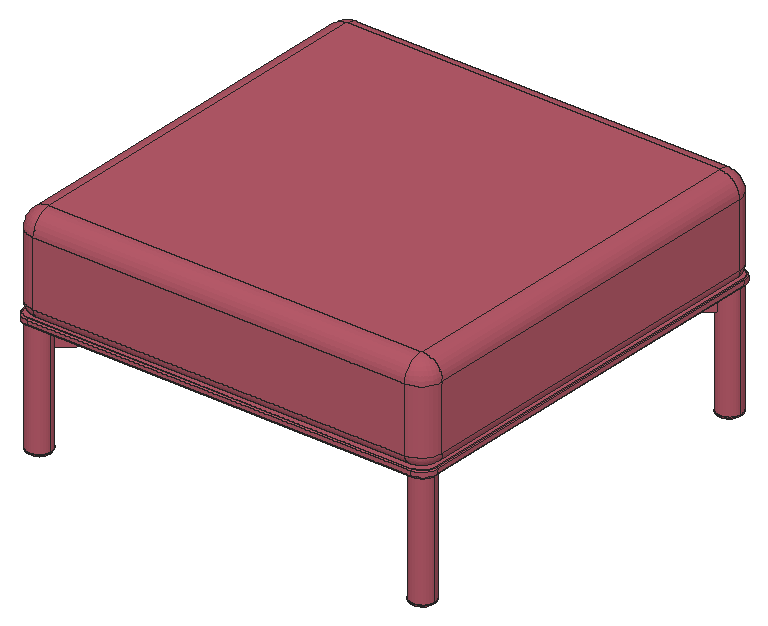
Revit family "LL-AUR-OTM-TB (Final)", category Furniture, Revit 2022
Family settings
  OmniClass Number = 23.40.20.00
  OmniClass Title = General Furniture and Specialties
  Work Plane-Based = No
  Always vertical = Yes
  Cut with Voids When Loaded = No
  Render Appearance Source = Family Geometry
  Shared = No
  Room Calculation Point = No
Parameters (values of type "LL-AUR-OTM")
  URL = "https://lolldesigns.com/"
  Model = "LL-AUR-OTM"
  Manufacturer = "Loll Designs"
  Finish Material = Loll-Apple Red
  Default Elevation = 0.000"
Reference planes (in)
  plane 1 "Center (Front/Back)": y = 0
  plane 2: z = 0
  plane 3 "Center (Left/Right)": x = 0
  plane 4: z = 10.50967
  plane 5: z = 9.88467
  plane 6: y = 33.62518
  plane 7: z = 9.83467
Forms (in)
  Extrusion 1, solid, material "Loll-Apple Red" <- "Finish Material"
    sketch origin (0, 0, 0) x (1, 0, 0) y (0, 1, 0)
      loop
        line (-15.99041, 32.65891) -> (-13.4065, 30.075) -> (-13.4065, 4.675) -> (-15.99041, 2.09109)
        spline (-15.99041, 2.09109) -> (-15.87266, 2.04374) -> (-15.77982, 2.00163) -> (-15.70676, 1.96274) -> (-15.64833, 1.92506) -> (-15.59939, 1.88656) -> (-15.55481, 1.84522) -> (-15.51023, 1.79888) -> (-15.46491, 1.74456) -> (-15.41921, 1.6791) -> (-15.37348, 1.5993) -> (-15.32806, 1.50199) -> (-15.2833, 1.38398)
        line (-15.2833, 1.38398) -> (-12.99229, 3.675) -> (12.99229, 3.675) -> (15.2833, 1.38398)
        spline (15.2833, 1.38398) -> (15.32806, 1.50199) -> (15.37348, 1.5993) -> (15.41921, 1.6791) -> (15.46491, 1.74456) -> (15.51023, 1.79888) -> (15.55481, 1.84522) -> (15.59939, 1.88656) -> (15.64833, 1.92506) -> (15.70676, 1.96274) -> (15.77982, 2.00163) -> (15.87266, 2.04374) -> (15.99041, 2.09109)
        line (15.99041, 2.09109) -> (13.4065, 4.675) -> (13.4065, 30.075) -> (15.99041, 32.65891)
        spline (15.99041, 32.65891) -> (15.87266, 32.70626) -> (15.77982, 32.74837) -> (15.70676, 32.78726) -> (15.64833, 32.82494) -> (15.59939, 32.86344) -> (15.55481, 32.90478) -> (15.51023, 32.95112) -> (15.46491, 33.00544) -> (15.41921, 33.0709) -> (15.37348, 33.1507) -> (15.32806, 33.24801) -> (15.2833, 33.36602)
        line (15.2833, 33.36602) -> (12.99229, 31.075) -> (-12.99229, 31.075) -> (-15.2833, 33.36602)
        spline (-15.2833, 33.36602) -> (-15.32806, 33.24801) -> (-15.37348, 33.1507) -> (-15.41921, 33.0709) -> (-15.46491, 33.00544) -> (-15.51023, 32.95112) -> (-15.55481, 32.90478) -> (-15.59939, 32.86344) -> (-15.64833, 32.82494) -> (-15.70676, 32.78726) -> (-15.77982, 32.74837) -> (-15.87266, 32.70626) -> (-15.99041, 32.65891)
      loop
        line (-12.4065, 4.675) -> (-0.5, 4.675) -> (-0.5, 30.075) -> (-12.4065, 30.075) -> (-12.4065, 4.675)
      loop
        line (12.4065, 30.075) -> (0.5, 30.075) -> (0.5, 4.675) -> (12.4065, 4.675) -> (12.4065, 30.075)
    from 7.94997 to 9.88467
  Extrusion 2, solid, material "Loll-Apple Red" <- "Finish Material"
    sketch origin (0, 0, 0) x (1, 0, 0) y (0, 1, 0)
      loop
        line (-17.375, 33.625) -> (-17.375, 1.125)
        arc (-17.375, 1.125) -> (-17.0455, 0.3295) -> (-16.25, 0) r 1.125
        line (-16.25, 0) -> (16.25, 0)
        arc (16.25, 0) -> (17.0455, 0.3295) -> (17.375, 1.125) r 1.125
        line (17.375, 1.125) -> (17.375, 33.625)
        arc (17.375, 33.625) -> (17.0455, 34.4205) -> (16.25, 34.75) r 1.125
        line (16.25, 34.75) -> (-16.25, 34.75)
        arc (-16.25, 34.75) -> (-17.0455, 34.4205) -> (-17.375, 33.625) r 1.125
      loop
        arc (-9.6875, 9.125) -> (-9.26647, 8.10853) -> (-8.25, 7.6875) r 1.4375
        line (-8.25, 7.6875) -> (-4.75, 7.6875)
        arc (-4.75, 7.6875) -> (-3.73353, 8.10853) -> (-3.3125, 9.125) r 1.4375
        line (-3.3125, 9.125) -> (-3.3125, 25.625)
        arc (-3.3125, 25.625) -> (-3.73353, 26.64147) -> (-4.75, 27.0625) r 1.4375
        line (-4.75, 27.0625) -> (-8.25, 27.0625)
        arc (-8.25, 27.0625) -> (-9.26647, 26.64147) -> (-9.6875, 25.625) r 1.4375
        line (-9.6875, 25.625) -> (-9.6875, 9.125)
      loop
        arc (3.3125, 9.125) -> (3.73353, 8.10853) -> (4.75, 7.6875) r 1.4375
        line (4.75, 7.6875) -> (8.25, 7.6875)
        arc (8.25, 7.6875) -> (9.26647, 8.10853) -> (9.6875, 9.125) r 1.4375
        line (9.6875, 9.125) -> (9.6875, 25.625)
        arc (9.6875, 25.625) -> (9.26647, 26.64147) -> (8.25, 27.0625) r 1.4375
        line (8.25, 27.0625) -> (4.75, 27.0625)
        arc (4.75, 27.0625) -> (3.73353, 26.64147) -> (3.3125, 25.625) r 1.4375
        line (3.3125, 25.625) -> (3.3125, 9.125)
    from 9.88467 to 10.50967
  Sweep 3, solid, material "Loll-Apple Red" <- "Finish Material"
    path in 3D
      loop
        arc (-17.375, 1.125, 10.50967) -> (-17.0455, 0.3295, 10.50967) -> (-16.25, 0, 10.50967) r 1.125
        line (-16.25, 0, 10.50967) -> (16.25, 0, 10.50967)
        arc (16.25, 0, 10.50967) -> (17.0455, 0.3295, 10.50967) -> (17.375, 1.125, 10.50967) r 1.125
        line (17.375, 1.125, 10.50967) -> (17.375, 33.625, 10.50967)
        arc (17.375, 33.625, 10.50967) -> (17.0455, 34.4205, 10.50967) -> (16.25, 34.75, 10.50967) r 1.125
        line (16.25, 34.75, 10.50967) -> (-16.25, 34.75, 10.50967)
        arc (-16.25, 34.75, 10.50967) -> (-17.0455, 34.4205, 10.50967) -> (-17.375, 33.625, 10.50967) r 1.125
        line (-17.375, 33.625, 10.50967) -> (-17.375, 1.125, 10.50967)
    profile origin (-17.375, 17.375, 10.50967) x (1, 0, 0) y (0, 0, 1)
      loop
        line (0, 0) -> (-0.125, -0.125) -> (-0.125, -0.5) -> (0, -0.625) -> (0, 0)
  Sweep 4, solid, material "Loll-Apple Red" <- "Finish Material"
    path in 3D
      loop
        arc (-9.6875, 25.625, 10.50967) -> (-9.26647, 26.64147, 10.50967) -> (-8.25, 27.0625, 10.50967) r 1.4375
        line (-8.25, 27.0625, 10.50967) -> (-4.75, 27.0625, 10.50967)
        arc (-4.75, 27.0625, 10.50967) -> (-3.73353, 26.64147, 10.50967) -> (-3.3125, 25.625, 10.50967) r 1.4375
        line (-3.3125, 25.625, 10.50967) -> (-3.3125, 9.125, 10.50967)
        arc (-3.3125, 9.125, 10.50967) -> (-3.73353, 8.10853, 10.50967) -> (-4.75, 7.6875, 10.50967) r 1.4375
        line (-4.75, 7.6875, 10.50967) -> (-8.25, 7.6875, 10.50967)
        arc (-8.25, 7.6875, 10.50967) -> (-9.26647, 8.10853, 10.50967) -> (-9.6875, 9.125, 10.50967) r 1.4375
        line (-9.6875, 9.125, 10.50967) -> (-9.6875, 25.625, 10.50967)
    profile origin (-9.6875, 17.375, 10.50967) x (-1, 0, 0) y (0, 0, 1)
      loop
        line (0, -0.625) -> (0, 0) -> (-0.13925, -0.05493) -> (-0.1875, -0.1875) -> (-0.1875, -0.4375) -> (-0.13925, -0.57007) -> (0, -0.625)
  Sweep 5, solid, material "Loll-Apple Red" <- "Finish Material"
    path in 3D
      loop
        arc (9.6875, 25.625, 10.50967) -> (9.26647, 26.64147, 10.50967) -> (8.25, 27.0625, 10.50967) r 1.4375
        line (8.25, 27.0625, 10.50967) -> (4.75, 27.0625, 10.50967)
        arc (4.75, 27.0625, 10.50967) -> (3.73353, 26.64147, 10.50967) -> (3.3125, 25.625, 10.50967) r 1.4375
        line (3.3125, 25.625, 10.50967) -> (3.3125, 9.125, 10.50967)
        arc (3.3125, 9.125, 10.50967) -> (3.73353, 8.10853, 10.50967) -> (4.75, 7.6875, 10.50967) r 1.4375
        line (4.75, 7.6875, 10.50967) -> (8.25, 7.6875, 10.50967)
        arc (8.25, 7.6875, 10.50967) -> (9.26647, 8.10853, 10.50967) -> (9.6875, 9.125, 10.50967) r 1.4375
        line (9.6875, 9.125, 10.50967) -> (9.6875, 25.625, 10.50967)
    profile origin (9.6875, 17.375, 10.50967) x (-1, 0, 0) y (0, 0, 1)
      loop
        line (0, -0.625) -> (0.13925, -0.57007) -> (0.1875, -0.4375) -> (0.1875, -0.1875) -> (0.13925, -0.05493) -> (0, 0) -> (0, -0.625)
  Extrusion 6, solid, material "Loll-Apple Red" <- "Finish Material"
    sketch origin (0, 0, 0) x (1, 0, 0) y (0, 1, 0)
      loop
        circle (-16.24745, 33.62518) r 1
    from 0.19667 to 9.88467
  Revolve 7, solid, material "Loll-Apple Red" <- "Finish Material"
    sketch origin (-17.24745, 33.62518, 47.24409) x (-1, 0, 0) y (0, 0, 1)
      loop
        line (-1, -47.04743) -> (-1, -47.24409) -> (-0.17651, -47.24409) -> (-0.04663, -47.19682) -> (0.01402, -47.08741) -> (0.02179, -47.04743) -> (-1, -47.04743)
      axis (-1, -47.04743) -> (-1, -47.24409)
    angle from 0 to 360
  Extrusion 8, solid, material "Loll-Apple Red" <- "Finish Material"
    sketch origin (0, 0, 0) x (-1, 0, 0) y (0, -1, 0)
      loop
        circle (-16.24745, -33.62518) r 1
    from 0.19667 to 9.88467
  Revolve 9, solid, material "Loll-Apple Red" <- "Finish Material"
    sketch origin (17.24745, 33.62518, 47.24409) x (1, 0, 0) y (0, 0, -1)
      loop
        line (-1, 47.04743) -> (0.02179, 47.04743) -> (0.01402, 47.08741) -> (-0.04663, 47.19682) -> (-0.17651, 47.24409) -> (-1, 47.24409) -> (-1, 47.04743)
      axis (-1, 47.04743) -> (-1, 47.24409)
    angle from 0 to 360
  Extrusion 10, solid, material "Loll-Apple Red" <- "Finish Material"
    sketch origin (0, 34.75, 0) x (1, 0, 0) y (0, 1, 0)
      loop
        circle (-16.24745, -33.62518) r 1
    from 0.19667 to 9.88467
  Revolve 11, solid, material "Loll-Apple Red" <- "Finish Material"
    sketch origin (-17.24745, 1.12482, 47.24409) x (-1, 0, 0) y (0, 0, -1)
      loop
        line (-1, 47.04743) -> (0.02179, 47.04743) -> (0.01402, 47.08741) -> (-0.04663, 47.19682) -> (-0.17651, 47.24409) -> (-1, 47.24409) -> (-1, 47.04743)
      axis (-1, 47.04743) -> (-1, 47.24409)
    angle from 0 to 360
  Extrusion 12, solid, material "Loll-Apple Red" <- "Finish Material"
    sketch origin (0, 34.75, 0) x (-1, 0, 0) y (0, -1, 0)
      loop
        circle (-16.24745, 33.62518) r 1
    from 0.19667 to 9.88467
  Revolve 13, solid, material "Loll-Apple Red" <- "Finish Material"
    sketch origin (17.24745, 1.12482, 47.24409) x (1, 0, 0) y (0, 0, 1)
      loop
        line (-1, -47.04743) -> (-1, -47.24409) -> (-0.17651, -47.24409) -> (-0.04663, -47.19682) -> (0.01402, -47.08741) -> (0.02179, -47.04743) -> (-1, -47.04743)
      axis (-1, -47.04743) -> (-1, -47.24409)
    angle from 0 to 360
  Extrusion 14, void
    sketch origin (0, 0, 9.88467) x (1, 0, 0) y (0, 1, 0)
      loop
        line (-2.7875, 17) -> (-2.714, 16.82131) -> (-2.5375, 16.75) -> (-1.6625, 16.75) -> (-1.486, 16.82131) -> (-1.4125, 17) -> (-1.4125, 17.75) -> (-1.486, 17.92869) -> (-1.6625, 18) -> (-2.5375, 18) -> (-2.714, 17.92869) -> (-2.7875, 17.75) -> (-2.7875, 17)
    from -0.09866 to 0.05493
  Extrusion 15, solid, material "Loll-Apple Red" <- "Finish Material"
    sketch origin (0, 0, 0) x (0, 1, 0) y (0, 0, 1)
      loop
        line (6.11834, 10.44967) -> (6.86834, 10.44967) -> (7.86357, 10.23657) -> (8.87634, 10.14144) -> (9.88912, 10.23657) -> (10.88435, 10.44967) -> (11.63435, 10.44967) -> (11.63435, 10.50966) -> (10.88435, 10.50966) -> (9.88912, 10.29657) -> (8.87634, 10.20143) -> (7.86357, 10.29657) -> (6.86834, 10.50966) -> (6.11834, 10.50966) -> (6.11834, 10.44967)
    from 12.25 to 14.25
  Extrusion 16, solid, material "Loll-Apple Red" <- "Finish Material"
    sketch origin (0, 34.75, 0) x (0, -1, 0) y (0, 0, -1)
      loop
        line (6.11834, -10.44967) -> (6.11834, -10.50966) -> (6.86834, -10.50966) -> (7.86357, -10.29657) -> (8.87634, -10.20143) -> (9.88912, -10.29657) -> (10.88435, -10.50966) -> (11.63435, -10.50966) -> (11.63435, -10.44967) -> (10.88435, -10.44967) -> (9.88912, -10.23657) -> (8.87634, -10.14144) -> (7.86357, -10.23657) -> (6.86834, -10.44967) -> (6.11834, -10.44967)
    from 12.25 to 14.25
  Extrusion 17, solid, material "Loll-Apple Red" <- "Finish Material"
    sketch origin (0, 0, 0) x (0, 1, 0) y (0, 0, -1)
      loop
        line (6.11834, -10.44967) -> (6.11834, -10.50966) -> (6.86834, -10.50966) -> (7.86357, -10.29657) -> (8.87634, -10.20143) -> (9.88912, -10.29657) -> (10.88435, -10.50966) -> (11.63435, -10.50966) -> (11.63435, -10.44967) -> (10.88435, -10.44967) -> (9.88912, -10.23657) -> (8.87634, -10.14144) -> (7.86357, -10.23657) -> (6.86834, -10.44967) -> (6.11834, -10.44967)
    from 12.25 to 14.25
  Extrusion 18, solid, material "Loll-Apple Red" <- "Finish Material"
    sketch origin (0, 34.75, 0) x (0, -1, 0) y (0, 0, 1)
      loop
        line (6.11834, 10.44967) -> (6.86834, 10.44967) -> (7.86357, 10.23657) -> (8.87634, 10.14144) -> (9.88912, 10.23657) -> (10.88435, 10.44967) -> (11.63435, 10.44967) -> (11.63435, 10.50966) -> (10.88435, 10.50966) -> (9.88912, 10.29657) -> (8.87634, 10.20143) -> (7.86357, 10.29657) -> (6.86834, 10.50966) -> (6.11834, 10.50966) -> (6.11834, 10.44967)
    from 12.25 to 14.25
Cuts and joins
  Extrusion 14 cuts Extrusion 2
Lines and regions (in)
  sketch lines
    curve 1: line (-17.375, 33.625, 10.50967) -> (-17.375, 1.125, 10.50967)
    curve 2: arc (-17.375, 33.625, 10.50967) -> (-17.0455, 34.4205, 10.50967) -> (-16.25, 34.75, 10.50967) r 1.125
    curve 3: line (16.25, 34.75, 10.50967) -> (-16.25, 34.75, 10.50967)
    curve 4: arc (16.25, 34.75, 10.50967) -> (17.0455, 34.4205, 10.50967) -> (17.375, 33.625, 10.50967) r 1.125
    curve 5: line (17.375, 1.125, 10.50967) -> (17.375, 33.625, 10.50967)
    curve 6: arc (17.375, 1.125, 10.50967) -> (17.0455, 0.3295, 10.50967) -> (16.25, 0, 10.50967) r 1.125
    curve 7: line (-16.25, 0, 10.50967) -> (16.25, 0, 10.50967)
    curve 8: arc (-16.25, 0, 10.50967) -> (-17.0455, 0.3295, 10.50967) -> (-17.375, 1.125, 10.50967) r 1.125
    curve 9: line (-9.6875, 9.125, 10.50967) -> (-9.6875, 25.625, 10.50967)
    curve 10: arc (-8.25, 27.0625, 10.50967) -> (-9.26647, 26.64147, 10.50967) -> (-9.6875, 25.625, 10.50967) r 1.4375
    curve 11: line (-8.25, 27.0625, 10.50967) -> (-4.75, 27.0625, 10.50967)
    curve 12: arc (-3.3125, 25.625, 10.50967) -> (-3.73353, 26.64147, 10.50967) -> (-4.75, 27.0625, 10.50967) r 1.4375
    curve 13: line (-3.3125, 25.625, 10.50967) -> (-3.3125, 9.125, 10.50967)
    curve 14: arc (-4.75, 7.6875, 10.50967) -> (-3.73353, 8.10853, 10.50967) -> (-3.3125, 9.125, 10.50967) r 1.4375
    curve 15: line (-4.75, 7.6875, 10.50967) -> (-8.25, 7.6875, 10.50967)
    curve 16: arc (-9.6875, 9.125, 10.50967) -> (-9.26647, 8.10853, 10.50967) -> (-8.25, 7.6875, 10.50967) r 1.4375
    curve 17: line (9.6875, 9.125, 10.50967) -> (9.6875, 25.625, 10.50967)
    curve 18: arc (8.25, 27.0625, 10.50967) -> (9.26647, 26.64147, 10.50967) -> (9.6875, 25.625, 10.50967) r 1.4375
    curve 19: line (8.25, 27.0625, 10.50967) -> (4.75, 27.0625, 10.50967)
    curve 20: arc (3.3125, 25.625, 10.50967) -> (3.73353, 26.64147, 10.50967) -> (4.75, 27.0625, 10.50967) r 1.4375
    curve 21: line (3.3125, 25.625, 10.50967) -> (3.3125, 9.125, 10.50967)
    curve 22: arc (4.75, 7.6875, 10.50967) -> (3.73353, 8.10853, 10.50967) -> (3.3125, 9.125, 10.50967) r 1.4375
    curve 23: line (4.75, 7.6875, 10.50967) -> (8.25, 7.6875, 10.50967)
    curve 24: arc (9.6875, 9.125, 10.50967) -> (9.26647, 8.10853, 10.50967) -> (8.25, 7.6875, 10.50967) r 1.4375
Dimensions and locks (in)
  aligned and locked: level to plane 2
Nested families (in)
  nested 1: "LL-AUR-OTM-TB (Seat)" at (0, 17.375, 0.25), type "LL-AUR-OTM-TB (Seat)"
Definition of nested family "LL-AUR-OTM-TB (Seat)"
  Parameters (values of type "LL-AUR-OTM-TB (Seat)")
    Seat = none
    Default Elevation = 0.000"
  Reference planes (in)
    plane 1 "Center (Front/Back)": y = 0
    plane 2: z = 0
    plane 3 "Center (Left/Right)": x = 0
  Forms (in)
    Extrusion 1, solid, material <- "Seat"
      sketch origin (0, 0, 0) x (1, 0, 0) y (0, 1, 0)
        loop
          arc (-15.75, 17.5) -> (-16.98744, 16.98744) -> (-17.5, 15.75) r 1.75
          line (-17.5, 15.75) -> (-17.5, -15.75)
          arc (-17.5, -15.75) -> (-16.98744, -16.98744) -> (-15.75, -17.5) r 1.75
          line (-15.75, -17.5) -> (15.75, -17.5)
          arc (15.75, -17.5) -> (16.98744, -16.98744) -> (17.5, -15.75) r 1.75
          line (17.5, -15.75) -> (17.5, 15.75)
          arc (17.5, 15.75) -> (16.98744, 16.98744) -> (15.75, 17.5) r 1.75
          line (15.75, 17.5) -> (-15.75, 17.5)
      from 10.2325 to 18.2325
    Sweep 2, void
      path in 3D
        loop
          arc (17.5, 15.75, 18.2325) -> (16.98744, 16.98744, 18.2325) -> (15.75, 17.5, 18.2325) r 1.75
          line (15.75, 17.5, 18.2325) -> (-15.75, 17.5, 18.2325)
          arc (-15.75, 17.5, 18.2325) -> (-16.98744, 16.98744, 18.2325) -> (-17.5, 15.75, 18.2325) r 1.75
          line (-17.5, 15.75, 18.2325) -> (-17.5, -15.75, 18.2325)
          arc (-17.5, -15.75, 18.2325) -> (-16.98744, -16.98744, 18.2325) -> (-15.75, -17.5, 18.2325) r 1.75
          line (-15.75, -17.5, 18.2325) -> (15.75, -17.5, 18.2325)
          arc (15.75, -17.5, 18.2325) -> (16.98744, -16.98744, 18.2325) -> (17.5, -15.75, 18.2325) r 1.75
          line (17.5, -15.75, 18.2325) -> (17.5, 15.75, 18.2325)
      profile origin (17.5, 0, 18.2325) x (-1, 0, 0) y (0, 0, 1)
        loop
          line (1.67323, 0) -> (0, 0) -> (0, -1.67323)
          arc (0, -1.67323) -> (0.49008, -0.49008) -> (1.67323, 0) r 1.67323
        loop
          arc (0.88583, -8) -> (0.25945, -7.74055) -> (0, -7.11417) r 0.88583
          line (0, -7.11417) -> (0, -8) -> (0.88583, -8)
  Cuts and joins
    Sweep 2 cuts Extrusion 1
  Lines and regions (in)
    sketch lines
      curve 1: line (17.5, -15.75, 18.2325) -> (17.5, 15.75, 18.2325)
      curve 2: arc (17.5, -15.75, 18.2325) -> (16.98744, -16.98744, 18.2325) -> (15.75, -17.5, 18.2325) r 1.75
      curve 3: line (-15.75, -17.5, 18.2325) -> (15.75, -17.5, 18.2325)
      curve 4: arc (-15.75, -17.5, 18.2325) -> (-16.98744, -16.98744, 18.2325) -> (-17.5, -15.75, 18.2325) r 1.75
      curve 5: line (-17.5, 15.75, 18.2325) -> (-17.5, -15.75, 18.2325)
      curve 6: arc (-17.5, 15.75, 18.2325) -> (-16.98744, 16.98744, 18.2325) -> (-15.75, 17.5, 18.2325) r 1.75
      curve 7: line (15.75, 17.5, 18.2325) -> (-15.75, 17.5, 18.2325)
      curve 8: arc (15.75, 17.5, 18.2325) -> (16.98744, 16.98744, 18.2325) -> (17.5, 15.75, 18.2325) r 1.75
  Dimensions and locks (in)
    aligned and locked: level to plane 2
